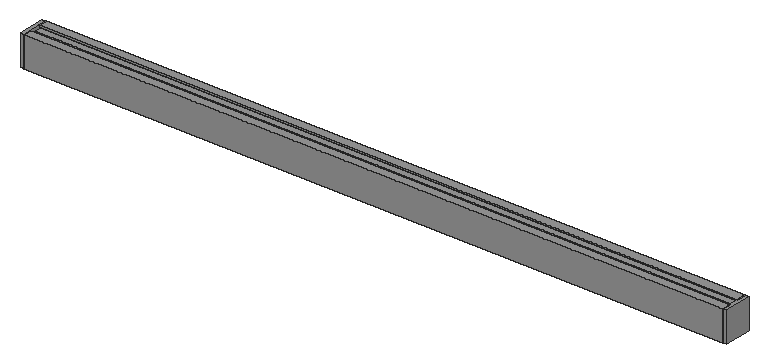
Revit family "KKDC_SEN033_3000K_1010mm", category 조명 설비, Revit 2024
Family settings
  원형 커넥터 치수 = 지름 사용
  부품 유형 = 배선함
  OmniClass 번호 = 23.80.70.00
  OmniClass 제목 = Lighting
  작업 기준면 기반 = 아니오
  항상 수직 = 예
  로드될 때 보이드를 사용하여 절단 = 아니오
  광원 = 예
  주석 방향 유지 = 아니오
  공유 = 아니오
  룸 계산 점 = 아니오
Parameters (values of type "Clear Cover Spread Lens 3000K 700mA")
  측광 웹 파일 = "SEN 033 3,000K  1010mm Spread Lens, 700mA.ies"
  직사각형 폭에서 발산 = 27.2 mm
  직사각형 길이에서 발산 = 1000 mm
  Wattage Comments = ""
  Wattage = 69.3 W
  built-in parameter 1150110 = 1 (stored number, unit not read)
  built-in parameter 1114217 = 1 (stored number, unit not read)
  built-in parameter 1150109 = 1 (stored number, unit not read)
  built-in parameter 1150134 = (empty or 0)
  built-in parameter 1150113 = 1 (stored number, unit not read)
  Emit Shape Visible in Rendering = yes
  Lamp = ""
  Default Elevation = 0 mm
  Lumens = 3555.09 lm
  built-in parameter 1150115 = 1 (stored number, unit not read)
  built-in parameter 1150105 = 282.91 (stored number, unit not read)
  built-in parameter 1150137 = (empty or 0)
  built-in parameter 1150139 = (empty or 0)
  built-in parameter 1150112 = 1 (stored number, unit not read)
  built-in parameter 1150114 = 1 (stored number, unit not read)
  built-in parameter 1150132 = (empty or 0)
  built-in parameter 1150102 = (empty or 0)
  built-in parameter 1150138 = (empty or 0)
  built-in parameter 1150107 = 3000 (stored number, unit not read)
  built-in parameter 1150106 = 2.8291 (stored number, unit not read)
  built-in parameter 1150104 = 4.7659 (stored number, unit not read)
  Tilt Angle = 90.00°
  Dimming Lamp Color Temperature Shift = (empty or 0)
  Color Filter = 16777215
  built-in parameter 1114218 = 1 (stored number, unit not read)
  built-in parameter 1150133 = 10 (stored number, unit not read)
Types (13, lengths in mm): name | 측광 웹 파일 | Wattage | Lumens | built-in parameter 1150105 | built-in parameter 1150106 | built-in parameter 1150104
  (no name) | "SEN 033 3,000K  1010mm Spread Lens, 700mA.ies" | 69.3 W | 3555.09 lm | 282.91 (stored number, unit not read) | 2.8291 (stored number, unit not read) | 4.7659 (stored number, unit not read)
  Clear Cover 10deg 3000K 350mA | "SEN 033 3,000K  1010mm 10_Lens, 350mA.ies" | 32.03 W | 2168.43 lm | 172.56 (stored number, unit not read) | 1.7256 (stored number, unit not read) | 6.2895 (stored number, unit not read)
  Clear Cover 10deg 3000K 700mA | "SEN 033 3,000K  1010mm 10_Lens, 700mA.ies" | 69.3 W | 3555.09 lm | 282.91 (stored number, unit not read) | 2.8291 (stored number, unit not read) | 4.7659 (stored number, unit not read)
  Clear Cover 20deg 3000K 350mA | "SEN 033 3,000K  1010mm 20_Lens, 350mA.ies" | 32.03 W | 2235.69 lm | 177.91 (stored number, unit not read) | 1.7791 (stored number, unit not read) | 6.4846 (stored number, unit not read)
  Clear Cover 20deg 3000K 700mA | "SEN 033 3,000K  1010mm 20_Lens, 700mA.ies" | 69.3 W | 3665.97 lm | 291.73 (stored number, unit not read) | 2.9173 (stored number, unit not read) | 4.9146 (stored number, unit not read)
  Clear Cover 30deg 3000K 350mA | "SEN 033 3,000K  1010mm 30_Lens, 350mA.ies" | 32.03 W | 2037.11 lm | 162.11 (stored number, unit not read) | 1.6211 (stored number, unit not read) | 5.9086 (stored number, unit not read)
  Clear Cover 30deg 3000K 700mA | "SEN 033 3,000K  1010mm 30_Lens, 700mA.ies" | 69.3 W | 3340.26 lm | 265.81 (stored number, unit not read) | 2.6581 (stored number, unit not read) | 4.4779 (stored number, unit not read)
  Clear Cover 60deg 3000K 350mA | "SEN 033 3,000K  1010mm 60_Lens, 350mA.ies" | 32.03 W | 2312.57 lm | 184.03 (stored number, unit not read) | 1.8403 (stored number, unit not read) | 6.7076 (stored number, unit not read)
  Clear Cover 60deg 3000K 700mA | "SEN 033 3,000K  1010mm 60_Lens, 700mA.ies" | 69.3 W | 3790.71 lm | 301.66 (stored number, unit not read) | 3.0166 (stored number, unit not read) | 5.0818 (stored number, unit not read)
  Clear Cover Spread Lens 3000K 350mA | "SEN 033 3,000K  1010mm Spread Lens, 350mA.ies" | 32.03 W | 2168.43 lm | 172.56 (stored number, unit not read) | 1.7256 (stored number, unit not read) | 6.2895 (stored number, unit not read)
  Clear Cover Spread Lens 3000K 700mA | "SEN 033 3,000K  1010mm Spread Lens, 700mA.ies" | 69.3 W | 3555.09 lm | 282.91 (stored number, unit not read) | 2.8291 (stored number, unit not read) | 4.7659 (stored number, unit not read)
  Clear Cover 3000K 350mA | "SEN 033 3,000K  1010mm No Lens, 350mA.ies" | 32.03 W | 1806.49 lm | 143.76 (stored number, unit not read) | 1.4376 (stored number, unit not read) | 5.2397 (stored number, unit not read)
  Clear Cover 3000K 700mA | "SEN 033 3,000K  1010mm No Lens, 700mA.ies" | 69.3 W | 2966.04 lm | 236.03 (stored number, unit not read) | 2.3603 (stored number, unit not read) | 3.9763 (stored number, unit not read)
Reference planes
  plane 1 "광원 축(F/B)": y = 0
  plane 2: z = 0
  plane 3 "광원 축(L/R)": x = 0
  plane 4 "광원 입면도": z = 0
  plane 5 "Height": z = 43.2
Forms (mm)
  Extrusion 1, solid, material "Housing/Endcap(Aluminium 6061)"
    sketch origin (0, 0, 0) x (0, 1, 0) y (0, 0, 1)
      loop
        line (19.6, 43.2) -> (7.6, 43.2) -> (7.6, 41.7) -> (9.6, 41.7) -> (9.6, 39.7) -> (0, 39.7) -> (-9.6, 39.7) -> (-9.6, 41.7) -> (-7.6, 41.7) -> (-7.6, 43.2) -> (-19.6, 43.2) -> (-19.6, 0) -> (-13.85, 0) -> (-13.85, 2.5) -> (13.85, 2.5) -> (13.85, 0) -> (19.6, 0) -> (19.6, 43.2)
    from -500 to 500
  Extrusion 2, solid, material "Housing/Endcap(Aluminium 6061)"
    sketch origin (0, 0, 0) x (0, 1, 0) y (0, 0, 1)
      loop
        line (19.6, 43.2) -> (-19.6, 43.2) -> (-19.6, 0) -> (19.6, 0) -> (19.6, 43.2)
    from 505 to 500
  Extrusion 3, solid, material "Housing/Endcap(Aluminium 6061)"
    sketch origin (0, 0, 0) x (0, 1, 0) y (0, 0, 1)
      loop
        line (19.6, 43.2) -> (-19.6, 43.2) -> (-19.6, 0) -> (19.6, 0) -> (19.6, 43.2)
    from -505 to -500
Dimensions and locks
  aligned and locked: plane 3 "광원 축(L/R)" to imposter light
  aligned and locked: plane 1 "광원 축(F/B)" to imposter light
  aligned and locked: plane 4 "광원 입면도" to imposter light
  aligned and locked: level to plane 2
  aligned and locked: plane 4 "광원 입면도" to level
Connectors
  electrical at (0, 0, 43.2)
    settings: index 1, voltage 24 V, apparent load 0 VA, apparent load phase1 0 VA, apparent load phase2 0 VA, apparent load phase3 0 VA, power factor 1, load classification "조명", number of poles 1, system type 31, power factor state 1, is connector primary yes, connector utility no, sub classification motor no, connector description ""
